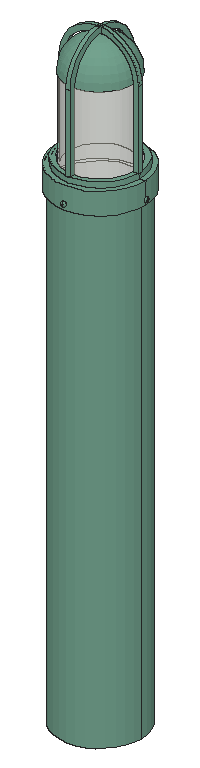
Revit family "BOL12", category Generic Models, host Floor, Revit 2024
Family settings
  Host = Floor
  Can host rebar = No
  Round Connector Dimension = Use Diameter
  Part Type = Normal
  Always vertical = Yes
  Cut with Voids When Loaded = No
  Maintain Annotation Orientation = No
  Shared = No
  Room Calculation Point = No
Parameters
  Default Elevation = 0' - 0"
Reference planes (in)
  plane 1 "Center (Front/Back)": y = 0
  plane 2: z = 0
  plane 3 "Center (Left/Right)": x = 0
Forms (in)
  Revolve 1, solid
    sketch origin (0, 0, 0) x (1, 0, 0) y (0, 0, 1)
      loop
        line (-2.875, 33) -> (-2.875, 0) -> (-2.78125, 0) -> (-2.78125, 33.09375) -> (-3.03125, 33.09375) -> (-3.03125, 34.40625) -> (-2.65625, 34.40625) -> (-2.65625, 34.78125) -> (-2.412, 34.78125) -> (-2.412, 34.875) -> (-2.75, 34.875) -> (-2.75, 34.5) -> (-3.125, 34.5) -> (-3.125, 33) -> (-2.875, 33)
      loop
        arc (0, 42.53931) -> (-1.65587, 41.85276) -> (-2.34562, 40.19822) r 2.34951
        line (-2.34562, 40.19822) -> (-2.25187, 40.19822)
        arc (-2.25187, 40.19822) -> (-1.58958, 41.78647) -> (0, 42.44556) r 2.25576
        line (0, 42.44556) -> (0, 42.53931)
      axis (0, 42.53931) -> (0, 0)
    angle from 0 to 360
  Revolve 2, solid, material "52"
    sketch origin (0, 0, 0) x (1, 0, 0) y (0, 0, 1)
      loop
        line (-3.22718, 33.35476) -> (-3.125, 33.35476) -> (-3.125, 33.50476) -> (-3.16718, 33.50476)
        arc (-3.16718, 33.50476) -> (-3.20961, 33.48719) -> (-3.22718, 33.44476) r 0.06
        line (-3.22718, 33.44476) -> (-3.22718, 33.35476)
      axis (-3.22718, 33.35476) -> (-3.125, 33.35476)
    angle from 0 to 360
  Revolve 3, solid, material "52"
    sketch origin (0, 0, 0) x (0, -1, 0) y (0, 0, 1)
      loop
        line (-3.22718, 33.35476) -> (-3.125, 33.35476) -> (-3.125, 33.50476) -> (-3.16718, 33.50476)
        arc (-3.16718, 33.50476) -> (-3.20961, 33.48719) -> (-3.22718, 33.44476) r 0.06
        line (-3.22718, 33.44476) -> (-3.22718, 33.35476)
      axis (-3.22718, 33.35476) -> (-3.125, 33.35476)
    angle from 0 to 360
  Revolve 4, solid, material "52"
    sketch origin (0, 0, 0) x (0, 1, 0) y (0, 0, 1)
      loop
        line (-3.22718, 33.35476) -> (-3.125, 33.35476) -> (-3.125, 33.50476) -> (-3.16718, 33.50476)
        arc (-3.16718, 33.50476) -> (-3.20961, 33.48719) -> (-3.22718, 33.44476) r 0.06
        line (-3.22718, 33.44476) -> (-3.22718, 33.35476)
      axis (-3.22718, 33.35476) -> (-3.125, 33.35476)
    angle from 0 to 360
  Revolve 5, solid, material "52"
    sketch origin (0, 0, 0) x (-1, 0, 0) y (0, 0, 1)
      loop
        line (-3.22718, 33.35476) -> (-3.125, 33.35476) -> (-3.125, 33.50476) -> (-3.16718, 33.50476)
        arc (-3.16718, 33.50476) -> (-3.20961, 33.48719) -> (-3.22718, 33.44476) r 0.06
        line (-3.22718, 33.44476) -> (-3.22718, 33.35476)
      axis (-3.22718, 33.35476) -> (-3.125, 33.35476)
    angle from 0 to 360
  Extrusion 6, solid, material "52"
    sketch origin (0, 0, 0) x (1, 0, 0) y (0, 0, 1)
      loop
        line (-2.75, 34.875) -> (-2.412, 34.875) -> (-2.412, 40.2584)
        arc (-2.412, 40.2584) -> (-1.65854, 42.00129) -> (0.12273, 42.65888) r 2.41201
        arc (0.12273, 42.65888) -> (1.7455, 41.91463) -> (2.412, 40.2584) r 2.41201
        line (2.412, 40.2584) -> (2.412, 34.875) -> (2.75, 34.875) -> (2.75, 40.241)
        arc (2.75, 40.241) -> (0, 43) -> (-2.75, 40.241) r 2.75001
        line (-2.75, 40.241) -> (-2.75, 34.875)
    from -0.142 to 0.142
  Extrusion 7, solid, material "52"
    sketch origin (0, 0, 0) x (0, 1, 0) y (0, 0, 1)
      loop
        line (-2.75, 40.241) -> (-2.75, 34.875) -> (-2.412, 34.875) -> (-2.412, 40.2584)
        arc (-2.412, 40.2584) -> (-1.71633, 41.94469) -> (-0.03899, 42.66168) r 2.41201
        arc (-0.03899, 42.66168) -> (1.68871, 41.97221) -> (2.412, 40.2584) r 2.41201
        line (2.412, 40.2584) -> (2.412, 34.875) -> (2.75, 34.875) -> (2.75, 40.241)
        arc (2.75, 40.241) -> (0, 43) -> (-2.75, 40.241) r 2.75001
    from -0.142 to 0.142
  Revolve 8, solid
    sketch origin (0, 0, 0) x (1, 0, 0) y (0, 0, 1)
      loop
        line (-2.287, 40.19822) -> (-2.287, 34.51159) -> (-2.19325, 34.51159) -> (-2.19325, 40.19822) -> (-2.287, 40.19822)
      axis (0, 40.19822) -> (0, 34.51159)
    angle from 0 to 360
Dimensions and locks (in)
  equal spacing: host sketch curve, plane 1 "Center (Front/Back)", host sketch curve
  equal spacing: host sketch curve, plane 3 "Center (Left/Right)", host sketch curve
  host sketch curve to host sketch curve = 10' - 0"  (x2)
  aligned and locked: level to plane 2
